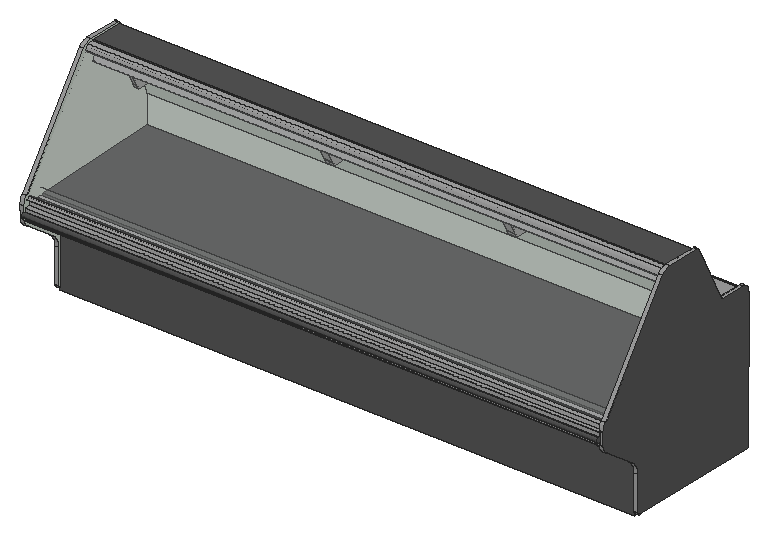
Revit family "ES1S_2014", category Specialty Equipment, Revit 2014
Parameters (values of type "12'-0" Length")
  Width = 144 1/2"
  Waste Drain = 1 1/2"  # constant formula
  URL = "www.hussmann.com"
  Type Comments = "Elite"  # constant formula
  Trim = Stainless Steel
  Total Weight = Case Weight + (2 * End Weight)  # 1400.00 lbf
  Splashguard = Textured Sheet Metal (Steel Painted) - 701 Black
  Side Panel - Right [instance] = yes
  Side Panel - Left [instance] = yes
  Shelves = Sheet Metal (Steel Painted) - 701 Black
  Revit Family Date = "05/26/2016"  # constant formula
  Refrigeration Lines Suction = 7/8"  # constant formula
  Refrigeration Lines Liquid = 3/8"  # constant formula
  Refrig. Suction = "Suction"
  Refrig. Liquid = "Liquid"
  Number of Supports = if(Width < 50", 2, if(Width < 100", 3, 4))  # 4
  Note from Manufacturer = "This model only comes in 4'-0\", 6'-0\", 8'-0\" and 12'-0\" lengths."
  Model URL = "http://www.hussmann.com/en/product%20viewer/display-cases/ES1S"
  Model = "ES1S"  # constant formula
  Manufacturer Disclaimer = "The information in this file is not intended to be an exact representation of the corresponding Hussmann product.  Further, we reserve the right to change or revise specifications and product design in connection with any feature of our products. Such changes do not entitle the buyer to corresponding changes, improvements, additions, or replacements for equipment previously sold or shipped."  # constant formula
  Manufacturer = "Hussmann Corporation"  # constant formula
  Light [instance] = yes
  Height = 52 1/8"  # constant formula
  Glazing = Glass
  Ends = Textured Sheet Metal (Steel Painted) - 701 Black
  End Weight = 100.00 lbf  # constant formula
  Drain from Center = if(Width = 72 3/8", 12 1/16", if(Width = 96 3/8", 24 1/16", 1/64"))  # 1/64"
  Door Frame = Plastic - 701 Black
  Description = "Single Deck, Straight Glass Case for Deli, Meat"  # constant formula
  Depth = 46 1/8"  # constant formula
  Cutsheet URL = "http://www.hussmann.com/en/Technical%20Documents/0522407_B_ES1S.pdf"
  Close Off Panel = Textured Sheet Metal (Steel Painted) - 701 Black
  Case Weight = if(Width = 48 1/4", 600.00 lbf, if(Width = 72 3/8", 700.00 lbf, if(Width = 96 3/8", 1100.00 lbf, if(Width = 144 1/2", 1200.00 lbf, 0.00 lbf))))  # 1200.00 lbf
  Case Interior - Side Panel = Mirror
  Case Interior - Back Panel = Mirror
  Case = Textured Sheet Metal (Steel Painted) - 701 Black
  Bumper = Extruded PVC - 701 Black
  Assembly Code = ""
  Accessories/Options = ""
  8 Case = Width = 96 3/8"  # no
  6 Case = Width = 72 3/8"  # no
  4 Case = Width = 48 1/4"  # no
  12 Case = Width = 144 1/2"  # yes
Types (4): name | Width | Total Weight | Number of Supports | Drain from Center | Case Weight | 8 Case | 6 Case | 4 Case | 12 Case
  12'-0" Length | 144 1/2" | 1400.00 lbf | 4 | 1/64" | 1200.00 lbf | no | no | no | yes
  8'-0" Length | 96 3/8" | 1300.00 lbf | 3 | 24 1/16" | 1100.00 lbf | yes | no | no | no
  6'-0" Length | 72 3/8" | 900.00 lbf | 3 | 12 1/16" | 700.00 lbf | no | yes | no | no
  4'-0" Length | 48 1/4" | 800.00 lbf | 2 | 1/64" | 600.00 lbf | no | no | yes | no
Reference planes (in)
  plane 1 "Back": y = 0
  plane 2 "Bottom": z = 0
  plane 3 "Top": z = 52.125
  plane 4 "Left": x = -77.30699
  plane 5 "Front": y = -46.125
  plane 6 "Center (Left/Right)": x = -5.05699
  plane 7: x = -78.30699
  plane 8 "Right": x = 67.19301
  plane 9: x = 68.19301
Forms (in)
  Extrusion 1, solid, material "Metal - Copper"
    sketch origin (57.40105, 5, -0.375) x (1, 0, 0) y (0, 1, 0)
      loop
        circle (1.35446, -33.25) r 0.41359
      loop
        circle (1.35446, -33.25) r 0.4375
    from 15.9275 to 0.375
  Extrusion 2, solid, material "Metal - Copper"
    sketch origin (59.82608, 5, -0.375) x (1, 0, 0) y (0, 1, 0)
      loop
        circle (-0.44557, -33.25) r 0.17188
      loop
        circle (-0.44557, -33.25) r 0.1875
    from 15.9275 to 0.375
  Extrusion 3, solid, material "Metal - Copper"
    sketch origin (-56.6875, 1.04319, 0) x (1, 0, 0) y (0, 1, 0)
      loop
        arc (51.64614, -27.41819) -> (51.11581, -27.63786) -> (50.89614, -28.16819) r 0.75
        arc (50.89614, -28.16819) -> (51.11581, -28.69852) -> (51.64614, -28.91819) r 0.75
        arc (51.64614, -28.91819) -> (52.17647, -28.69852) -> (52.39614, -28.16819) r 0.75
        arc (52.39614, -28.16819) -> (52.17647, -27.63786) -> (51.64614, -27.41819) r 0.75
      loop
        circle (51.64614, -28.16819) r 0.7102
    from 15.5525 to 14.52263
  Extrusion 4, solid, material "Textured Sheet Metal (Steel Painted) - 701 Black" <- "Splashguard"
    sketch origin (-77.30699, 0, 0) x (0, 1, 0) y (0, 0, 1)
      loop
        line (-33.696, 14.616) -> (-34.125, 14.616) -> (-34.125, 0) -> (-33.696, 0) -> (-33.696, 0.6875) -> (-33.696, 14.616)
      loop
        line (-4.85, 11.929) -> (-4.85, 12.31836) -> (-5.077, 12.31836) -> (-5.077, 0) -> (-4.577, 0) -> (-4.577, 11.929) -> (-4.85, 11.929)
    from 0 to 144.5 <- "Width"
  Extrusion 5, solid, material "Textured Sheet Metal (Steel Painted) - 701 Black" <- "Case"
    sketch origin (-77.30699, 0, 0) x (0, 1, 0) y (0, 0, 1)
      loop
        arc (-44.21136, 20.55912) -> (-44.18911, 20.48093) -> (-44.1661, 20.40296) r 8.279
        line (-44.1661, 20.40296) -> (-44.1661, 19.92638) -> (-36.02213, 14.4736)
        arc (-36.02213, 14.4736) -> (-35.97122, 14.46647) -> (-35.93404, 14.50198) r 0.059
        line (-35.93404, 14.50198) -> (-35.93404, 15.0455) -> (-33.4203, 15.0455) -> (-33.4203, 15.5525) -> (-6.022, 15.5525) -> (-6.022, 12.31836) -> (-3.09214, 12.31836) -> (-1.484, 13.9265) -> (-1.484, 36.773) -> (-8.51731, 36.773) -> (-6.96432, 32.5062) -> (-6.869, 32.54089) -> (-6.869, 21.4475) -> (-8.89025, 21.4475) -> (-8.98391, 24.12974) -> (-19.0218, 23.77923) -> (-19.02552, 23.88595) -> (-27.0014, 21.4475) -> (-38.27432, 21.4475) -> (-38.27432, 23.29152) -> (-44.989, 23.29152) -> (-44.989, 20.64812)
        arc (-44.989, 20.64812) -> (-44.96293, 20.58519) -> (-44.9, 20.55912) r 0.089
        line (-44.9, 20.55912) -> (-44.21136, 20.55912)
      loop
        line (-23.84996, 49.48886) -> (-21.66335, 49.48886) -> (-16.1452, 49.48886) -> (-15.72409, 48.75946) -> (-15.04211, 49.10695) -> (-14.76711, 49.95331) -> (-15.80989, 51.99989) -> (-24.03864, 51.99989) -> (-24.03864, 50.75308) -> (-23.84996, 50.75308) -> (-23.84996, 49.48886)
    from 0 to 144.5 <- "Width"
  Extrusion 6, solid, material "Sheet Metal (Steel Painted) - 701 Black" <- "Shelves"
    sketch origin (-77.30699, 0, 0) x (0, 1, 0) y (0, 0, 1)
      loop
        line (-6.90546, 25.39651) -> (-39.94989, 24.31879) -> (-39.92473, 23.5472) -> (-6.8803, 24.62492) -> (-6.90546, 25.39651)
    from 0 to 144.5 <- "Width"
  Extrusion 7, solid, material "Glass" <- "Glazing"
    sketch origin (-77.30699, 0, 0) x (0, 1, 0) y (0, 0, 1)
      loop
        line (-25.46916, 50.97882) -> (-25.66133, 51.11581) -> (-44.38238, 24.85587) -> (-44.19022, 24.71887) -> (-25.46916, 50.97882)
    from 0 to 144.5 <- "Width"
  Extrusion 8, solid, material "Stainless Steel" <- "Trim"
    sketch origin (-77.30699, 0, 0) x (0, 1, 0) y (0, 0, 1)
      loop
        line (-40.30332, 24.18252) -> (-41.50346, 24.18252) -> (-43.54412, 25.3607) -> (-43.57849, 25.16577) -> (-43.77284, 25.30433) -> (-44.19022, 24.71887) -> (-44.38238, 24.85587) -> (-43.96501, 25.44133) -> (-44.01549, 25.47732) -> (-44.46886, 24.84138) -> (-43.72873, 24.31373) -> (-43.88693, 23.41652) -> (-45.114, 23.41652) -> (-45.114, 20.52312)
        arc (-45.114, 20.52312) -> (-45.08793, 20.46019) -> (-45.025, 20.43412) r 0.089
        line (-45.025, 20.43412) -> (-44.1754, 20.43412)
        arc (-44.1754, 20.43412) -> (-44.19362, 20.49655) -> (-44.21136, 20.55912) r 8.279
        line (-44.21136, 20.55912) -> (-44.9, 20.55912)
        arc (-44.9, 20.55912) -> (-44.96293, 20.58519) -> (-44.989, 20.64812) r 0.089
        line (-44.989, 20.64812) -> (-44.989, 23.29152) -> (-40.30332, 23.29152) -> (-40.30332, 24.18252)
      loop
        line (-1.484, 35.805) -> (-1.018, 36.271) -> (-1.018, 36.68575)
        arc (-1.018, 36.68575) -> (-0.40692, 36.23214) -> (-0.13069, 35.523) r 1.375
        line (-0.13069, 35.523) -> (-0.5, 35.523) -> (-0.5, 35.398) -> (0, 35.398)
        arc (0, 35.398) -> (-0.43934, 36.45866) -> (-1.5, 36.898) r 1.5
        line (-1.5, 36.898) -> (-1.90281, 36.898) -> (-1.90281, 37.211)
        arc (-1.90281, 37.211) -> (-1.92097, 37.25484) -> (-1.96481, 37.273) r 0.062
        line (-1.96481, 37.273) -> (-8.65281, 37.273) -> (-8.65281, 36.773) -> (-1.484, 36.773) -> (-1.484, 35.805)
      loop
        line (-19.72359, 48.88701) -> (-18.4034, 48.88701) -> (-18.75088, 49.48886) -> (-21.49225, 49.48886) -> (-23.12061, 49.17234) -> (-24.02159, 47.24018)
        arc (-24.02159, 47.24018) -> (-24.00493, 47.17808) -> (-23.94088, 47.18373) r 0.05
        line (-23.94088, 47.18373) -> (-23.14663, 48.88701) -> (-19.72359, 48.88701)
      loop
        line (-22.49562, 49.48886) -> (-23.84996, 49.48886) -> (-23.84996, 50.00066)
        arc (-23.84996, 50.00066) -> (-23.96918, 50.01427) -> (-24.0878, 50.0324) r 3.15396
        line (-24.0878, 50.0324) -> (-24.0878, 51.79587)
        arc (-24.0878, 51.79587) -> (-24.09845, 51.82397) -> (-24.12582, 51.83637) r 0.03937
        arc (-24.12582, 51.83637) -> (-24.73621, 51.79286) -> (-25.32411, 51.623) r 2.91774
        arc (-25.32411, 51.623) -> (-25.94053, 51.1829) -> (-26.2337, 50.48454) r 1.38647
        line (-26.2337, 50.48454) -> (-26.15259, 50.42672) -> (-25.66133, 51.11581) -> (-25.46916, 50.97882) -> (-25.95989, 50.29047) -> (-25.78345, 50.16453)
        arc (-25.78345, 50.16453) -> (-25.76877, 50.16114) -> (-25.75599, 50.16912) r 0.01969
        line (-25.75599, 50.16912) -> (-25.65083, 50.31645) -> (-25.29899, 49.7419)
        arc (-25.29899, 49.7419) -> (-25.21497, 49.65118) -> (-25.10251, 49.59979) r 0.31496
        line (-25.10251, 49.59979) -> (-24.41849, 49.4389)
        arc (-24.41849, 49.4389) -> (-23.45383, 49.33965) -> (-22.49562, 49.48886) r 3.78388
    from 0 to 144.5 <- "Width"
  Extrusion 9, solid, material "Extruded PVC - 701 Black" <- "Bumper"
    sketch origin (-77.30699, 0, 0) x (0, 1, 0) y (0, 0, 1)
      loop
        line (-45.114, 22.49036) -> (-45.445, 22.49036)
        arc (-45.445, 22.49036) -> (-46, 21.93536) -> (-45.445, 21.38036) r 0.555
        line (-45.445, 21.38036) -> (-45.114, 21.38036) -> (-45.114, 22.49036)
    from 0 to 144.5 <- "Width"
  Extrusion 10, solid, material "Glass" <- "Glazing"
    sketch origin (-77.30699, 0, 0) x (0, 1, 0) y (0, 0, 1)
      loop
        line (-40.30332, 23.41652) -> (-40.05332, 23.41652) -> (-40.05332, 25.91652) -> (-40.30332, 25.91652) -> (-40.30332, 23.41652)
    from 0 to 144.5 <- "Width"
  Extrusion 11, solid, material "Textured Sheet Metal (Steel Painted) - 701 Black" <- "Ends", visible <- "Side Panel - Left"
    sketch origin (-77.30699, 0, 0) x (0, 1, 0) y (0, 0, 1)
      loop
        line (-26.56426, 51.09001) -> (-44.6742, 25.92322)
        arc (-44.6742, 25.92322) -> (-45.14693, 24.98754) -> (-45.30974, 23.95193) r 3.37498
        line (-45.30974, 23.95193) -> (-45.30974, 20.79343)
        arc (-45.30974, 20.79343) -> (-45.04647, 19.70659) -> (-44.31503, 18.86071) r 2.37498
        line (-44.31503, 18.86071) -> (-35.94923, 12.88617)
        arc (-35.94923, 12.88617) -> (-34.76392, 11.48858) -> (-34.33818, 9.70618) r 3.94397
        line (-34.33818, 9.70618) -> (-34.33818, 0.98476)
        arc (-34.33818, 0.98476) -> (-34.19174, 0.63121) -> (-33.83819, 0.48476) r 0.5
        line (-33.83819, 0.48476) -> (-0.25603, 0.48476)
        arc (-0.25603, 0.48476) -> (0.09752, 0.63121) -> (0.24397, 0.98476) r 0.5
        line (0.24397, 0.98476) -> (0.24397, 1.35975) -> (0.24397, 35.52248) -> (0.24397, 36.02248)
        arc (0.24397, 36.02248) -> (-0.19537, 37.08313) -> (-1.25602, 37.52247) r 1.49999
        line (-1.25602, 37.52247) -> (-7.72963, 37.52247)
        arc (-7.72963, 37.52247) -> (-7.99087, 37.59615) -> (-8.17513, 37.79547) r 0.5
        line (-8.17513, 37.79547) -> (-8.57236, 38.5751) -> (-15.06501, 51.31763) -> (-15.46225, 52.09726)
        arc (-15.46225, 52.09726) -> (-15.55438, 52.19692) -> (-15.685, 52.23376) r 0.25
        line (-15.685, 52.23376) -> (-24.33213, 52.23376)
        arc (-24.33213, 52.23376) -> (-25.58618, 51.93118) -> (-26.56426, 51.09001) r 2.74998
    from 0 to -1
  Extrusion 12, solid, material "Textured Sheet Metal (Steel Painted) - 701 Black" <- "Ends", visible <- "Side Panel - Right"
    sketch origin (67.19301, 0, 0) x (0, 1, 0) y (0, 0, -1)
      loop
        line (-35.94923, -12.88617) -> (-44.31503, -18.86071)
        arc (-44.31503, -18.86071) -> (-45.04647, -19.70659) -> (-45.30974, -20.79343) r 2.37498
        line (-45.30974, -20.79343) -> (-45.30974, -23.95193)
        arc (-45.30974, -23.95193) -> (-45.14693, -24.98754) -> (-44.6742, -25.92322) r 3.37498
        line (-44.6742, -25.92322) -> (-26.56426, -51.09001)
        arc (-26.56426, -51.09001) -> (-25.58618, -51.93118) -> (-24.33213, -52.23376) r 2.74998
        line (-24.33213, -52.23376) -> (-15.685, -52.23376)
        arc (-15.685, -52.23376) -> (-15.55438, -52.19692) -> (-15.46225, -52.09726) r 0.25
        line (-15.46225, -52.09726) -> (-15.06501, -51.31763) -> (-8.57236, -38.5751) -> (-8.17513, -37.79547)
        arc (-8.17513, -37.79547) -> (-7.99087, -37.59615) -> (-7.72963, -37.52247) r 0.5
        line (-7.72963, -37.52247) -> (-1.25602, -37.52247)
        arc (-1.25602, -37.52247) -> (-0.19537, -37.08313) -> (0.24397, -36.02248) r 1.49999
        line (0.24397, -36.02248) -> (0.24397, -35.52248) -> (0.24397, -1.35975) -> (0.24397, -0.98476)
        arc (0.24397, -0.98476) -> (0.09752, -0.63121) -> (-0.25603, -0.48476) r 0.5
        line (-0.25603, -0.48476) -> (-33.83819, -0.48476)
        arc (-33.83819, -0.48476) -> (-34.19174, -0.63121) -> (-34.33818, -0.98476) r 0.5
        line (-34.33818, -0.98476) -> (-34.33818, -9.70618)
        arc (-34.33818, -9.70618) -> (-34.76392, -11.48858) -> (-35.94923, -12.88617) r 3.94397
    from 0 to -1
  Extrusion 13, solid, material "Stainless Steel" <- "Trim"
    sketch origin (-77.30699, 0, 0) x (0, 1, 0) y (0, 0, 1)
      loop
        line (-18.75088, 49.48886) -> (-11.18132, 36.378) -> (-11.36131, 36.378) -> (-10.73819, 35.39386) -> (-8.01535, 35.39386) -> (-8.37354, 36.378) -> (-8.57564, 36.378) -> (-16.1452, 49.48886) -> (-18.75088, 49.48886)
    from 0 to 1
  Extrusion 14, solid, material "Stainless Steel" <- "Trim"
    sketch origin (67.22426, 0, 0) x (0, 1, 0) y (0, 0, -1)
      loop
        line (-18.75088, -49.48886) -> (-16.1452, -49.48886) -> (-8.57564, -36.378) -> (-8.37354, -36.378) -> (-8.01535, -35.39386) -> (-10.73819, -35.39386) -> (-11.36131, -36.378) -> (-11.18132, -36.378) -> (-18.75088, -49.48886)
    from 0.03125 to 1
  Extrusion 15, solid, material "Stainless Steel" <- "Trim", visible <- "12 Case"
    sketch origin (-27.97365, -1.67018, 0) x (0, 1, 0) y (0, 0, 1)
      loop
        line (-17.0807, 49.48886) -> (-9.51114, 36.378) -> (-9.69113, 36.378) -> (-9.06801, 35.39386) -> (-6.34517, 35.39386) -> (-6.70336, 36.378) -> (-6.90546, 36.378) -> (-14.47502, 49.48886) -> (-17.0807, 49.48886)
    from -1 to 1
  Extrusion 16, solid, material "Stainless Steel" <- "Trim", visible <- "12 Case"
    sketch origin (17.85968, -1.67018, 0) x (0, 1, 0) y (0, 0, 1)
      loop
        line (-17.0807, 49.48886) -> (-9.51114, 36.378) -> (-9.69113, 36.378) -> (-9.06801, 35.39386) -> (-6.34517, 35.39386) -> (-6.70336, 36.378) -> (-6.90546, 36.378) -> (-14.47502, 49.48886) -> (-17.0807, 49.48886)
    from -1 to 1
  Extrusion 17, solid, material "Stainless Steel" <- "Trim", visible <- "8 Case"
    sketch origin (-29.11949, -1.67018, 0) x (0, 1, 0) y (0, 0, 1)
      loop
        line (-17.0807, 49.48886) -> (-9.51114, 36.378) -> (-9.69113, 36.378) -> (-9.06801, 35.39386) -> (-6.34517, 35.39386) -> (-6.70336, 36.378) -> (-6.90546, 36.378) -> (-14.47502, 49.48886) -> (-17.0807, 49.48886)
    from -1 to 1
  Extrusion 18, solid, material "Stainless Steel" <- "Trim", visible <- "6 Case"
    sketch origin (-41.11949, -1.67018, 0) x (0, 1, 0) y (0, 0, 1)
      loop
        line (-17.0807, 49.48886) -> (-9.51114, 36.378) -> (-9.69113, 36.378) -> (-9.06801, 35.39386) -> (-6.34517, 35.39386) -> (-6.70336, 36.378) -> (-6.90546, 36.378) -> (-14.47502, 49.48886) -> (-17.0807, 49.48886)
    from -1 to 1
Lines and regions (in)
  reference lines
    curve 1: line (-73.80699, -46.125, 0) -> (-73.80699, 0, 0)
    curve 2: line (-5.04136, -46.125, 0) -> (-5.04136, 0, 0)
    curve 3: line (63.69301, -46.125, 0) -> (63.69301, 0, 0)
    curve 4: line (59.19301, -46.125, 0) -> (59.19301, 0, 0)
    curve 5: line (-77.30699, -27.125, 0) -> (67.19301, -27.125, 0)
    curve 6: line (67.19301, -28.25, 0) -> (-77.30699, -28.25, 0)
Dimensions and locks (in)
  equal spacing: plane 4 "Left", plane 6 "Center (Left/Right)", plane 8 "Right"
  locked: plane 7 to plane 4 "Left" at 1
  "Width": plane 4 "Left" to plane 8 "Right"
  locked: plane 4 "Left" to curve 1 at 3.5
  locked: curve 3 to plane 8 "Right" at 3.5
  "Depth": plane 5 "Front" to plane 1 "Back"
  curve 4 to plane 8 "Right" = 8"
  "Height": plane 3 "Top" to level
  plane 1 "Back" to curve 5 = 27 1/8"
  locked: plane 1 "Back" to curve 6 at 28.25
  locked: plane 8 "Right" to plane 9 at 1
  locked: Extrusion 3 sketch curve to Extrusion 3 sketch curve at 0.0398
  locked: Extrusion 2 sketch curve to Extrusion 2 sketch curve at 0.01562
  locked: Extrusion 1 sketch curve to Extrusion 1 sketch curve at 0.02391
  locked: nested 1 to plane 1 "Back" at 19.4375
  equal spacing: group 1, group 3, group 4, group 2  (x3)
  "Drain from Center": plane 6 "Center (Left/Right)" to curve 2
  locked: plane 4 "Left" to Extrusion 13 at 1
  locked: Extrusion 14 to plane 8 "Right" at 0.96875
  "Waste Drain": diameter of Extrusion 3 sketch curve
  "Refrigeration Lines Liquid": diameter of Extrusion 2 sketch curve
  "Refrigeration Lines Suction": diameter of Extrusion 1 sketch curve
  aligned and locked: plane 5 "Front" to curve 3
  aligned and locked: plane 5 "Front" to curve 2
  aligned and locked: plane 5 "Front" to curve 1
  aligned and locked: plane 4 "Left" to curve 5
  aligned and locked: plane 4 "Left" to curve 6
  aligned and locked: plane 8 "Right" to curve 6
  aligned and locked: plane 8 "Right" to curve 5
  aligned and locked: Extrusion 1 to level
  aligned and locked: Extrusion 2 to level
  aligned and locked: curve 6 to Extrusion 2 sketch curve  (x4)
  aligned and locked: curve 6 to Extrusion 1 sketch curve  (x4)
  aligned and locked: curve 5 to Extrusion 3 sketch curve
  aligned and locked: curve 2 to Extrusion 3 sketch curve
  aligned and locked: curve 4 to Extrusion 2 sketch curve
  aligned and locked: curve 4 to Extrusion 1 sketch curve
  aligned and locked: curve 3 to nested 2
  aligned and locked: curve 1 to nested 1
  aligned and locked: plane 7 to Extrusion 11
  aligned and locked: plane 9 to Extrusion 12
  aligned and locked: Extrusion 12 to plane 8 "Right"
  aligned and locked: Extrusion 14 to Extrusion 12
  aligned and locked: plane 4 "Left" to nested 3
  aligned and locked: plane 4 "Left" to nested 4
Automatic sketch dimensions
  Extrusion 4 sketch curve to level = 0"  (x2)
  plane 5 "Front" to Extrusion 4 sketch curve = 12"
  Extrusion 4 sketch curve to Extrusion 4 sketch curve = 0.429"
  plane 1 "Back" to Extrusion 4 sketch curve = 5.077"
  Extrusion 4 sketch curve to Extrusion 4 sketch curve = 0.227"
  Extrusion 4 sketch curve to Extrusion 4 sketch curve = 0.273"
  level to Extrusion 4 sketch curve = 11/16"
  Extrusion 4 sketch curve to Extrusion 4 sketch curve = 11.929"
  Extrusion 4 sketch curve to Extrusion 4 sketch curve = 0.38936"
  Extrusion 4 sketch curve to Extrusion 4 sketch curve = 13.9285"
  plane 5 "Front" to Extrusion 5 sketch curve = 1.136"
  Extrusion 5 sketch curve to Extrusion 5 sketch curve = 0.089"
  Extrusion 5 sketch curve to Extrusion 5 sketch curve = 0.68864"
  Extrusion 5 sketch curve to Extrusion 5 sketch curve = 0.04525"
  Extrusion 5 sketch curve to Extrusion 5 sketch curve = 5.93704"
  Extrusion 5 sketch curve to Extrusion 5 sketch curve = 2.03701"
  Extrusion 5 sketch curve to Extrusion 5 sketch curve = 2.25218"
  Extrusion 5 sketch curve to Extrusion 5 sketch curve = 0.03283"
  Extrusion 5 sketch curve to Extrusion 5 sketch curve = 0.05527"
  Extrusion 5 sketch curve to Extrusion 5 sketch curve = 2.51374"
  plane 3 "Top" to Extrusion 5 sketch curve = 1.37192"
  plane 5 "Front" to Extrusion 5 sketch curve = 22.08636"
  Extrusion 5 sketch curve to Extrusion 5 sketch curve = 0.18868"
  Extrusion 5 sketch curve to Extrusion 5 sketch curve = 2.18661"
  plane 3 "Top" to Extrusion 5 sketch curve = 2.63614"
  Extrusion 5 sketch curve to Extrusion 5 sketch curve = 5.51814"
  plane 3 "Top" to Extrusion 5 sketch curve = 0.12511"
  Extrusion 5 sketch curve to Extrusion 5 sketch curve = 0.33531"
  plane 3 "Top" to Extrusion 5 sketch curve = 3.36554"
  Extrusion 5 sketch curve to Extrusion 5 sketch curve = 0.42112"
  plane 3 "Top" to Extrusion 5 sketch curve = 3.01805"
  Extrusion 5 sketch curve to Extrusion 5 sketch curve = 0.68198"
  plane 3 "Top" to Extrusion 5 sketch curve = 2.17169"
  Extrusion 5 sketch curve to Extrusion 5 sketch curve = 0.275"
  plane 1 "Back" to Extrusion 5 sketch curve = 8.51731"
  Extrusion 5 sketch curve to Extrusion 5 sketch curve = 1.55299"
  plane 1 "Back" to Extrusion 5 sketch curve = 6.869"
  plane 1 "Back" to Extrusion 5 sketch curve = 6.022"
  Extrusion 5 sketch curve to Extrusion 5 sketch curve = 2.92986"
  plane 1 "Back" to Extrusion 5 sketch curve = 1.484"
  Extrusion 5 sketch curve to Extrusion 5 sketch curve = 12.33395"
  Extrusion 5 sketch curve to Extrusion 5 sketch curve = 4.23211"
  level to Extrusion 5 sketch curve = 23.29152"
  Extrusion 5 sketch curve to Extrusion 5 sketch curve = 0.50612"
  Extrusion 5 sketch curve to Extrusion 5 sketch curve = 11.0587"
  Extrusion 5 sketch curve to Extrusion 5 sketch curve = 2.64341"
  Extrusion 5 sketch curve to Extrusion 5 sketch curve = 61/128"
  Extrusion 5 sketch curve to Extrusion 5 sketch curve = 5.895"  (x2)
  Extrusion 5 sketch curve to Extrusion 5 sketch curve = 0.507"
  Extrusion 5 sketch curve to Extrusion 5 sketch curve = 0.52287"
  Extrusion 5 sketch curve to Extrusion 5 sketch curve = 0.02065"
  Extrusion 5 sketch curve to Extrusion 5 sketch curve = 1.626"
  Extrusion 5 sketch curve to Extrusion 5 sketch curve = 1.60814"
  plane 5 "Front" to Extrusion 6 sketch curve = 6.17511"
  Extrusion 6 sketch curve to Extrusion 6 sketch curve = 0.02516"
  plane 1 "Back" to Extrusion 6 sketch curve = 6.90546"
  level to Extrusion 6 sketch curve = 23.5472"
  Extrusion 6 sketch curve to Extrusion 6 sketch curve = 0.77159"
  plane 5 "Front" to Extrusion 7 sketch curve = 1.74262"
  Extrusion 7 sketch curve to Extrusion 7 sketch curve = 0.19217"
  plane 3 "Top" to Extrusion 7 sketch curve = 1.00919"
  plane 5 "Front" to Extrusion 7 sketch curve = 20.46367"
  Extrusion 7 sketch curve to Extrusion 7 sketch curve = 0.137"
  Extrusion 8 sketch curve to Extrusion 8 sketch curve = 0"  (x3)
  Extrusion 8 sketch curve to plane 1 "Back" = 0"
  plane 1 "Back" to Extrusion 8 sketch curve = 0.13069"
  Extrusion 8 sketch curve to Extrusion 8 sketch curve = 0.36931"
  Extrusion 8 sketch curve to Extrusion 8 sketch curve = 0.518"
  Extrusion 8 sketch curve to Extrusion 8 sketch curve = 0.466"
  Extrusion 8 sketch curve to Extrusion 8 sketch curve = 0.016"
  Extrusion 8 sketch curve to Extrusion 8 sketch curve = 0.40281"
  Extrusion 8 sketch curve to Extrusion 8 sketch curve = 0.062"
  Extrusion 8 sketch curve to Extrusion 8 sketch curve = 6.688"
  plane 3 "Top" to Extrusion 8 sketch curve = 3.23799"
  Extrusion 8 sketch curve to Extrusion 8 sketch curve = 9.7506"
  plane 3 "Top" to Extrusion 8 sketch curve = 2.63614"
  Extrusion 8 sketch curve to Extrusion 8 sketch curve = 0.34748"
  Extrusion 8 sketch curve to Extrusion 8 sketch curve = 0.97271"
  Extrusion 8 sketch curve to Extrusion 8 sketch curve = 1.76866"
  Extrusion 8 sketch curve to Extrusion 8 sketch curve = 1.00337"
  plane 3 "Top" to Extrusion 8 sketch curve = 2.95266"
  Extrusion 8 sketch curve to Extrusion 8 sketch curve = 5/8"
  Extrusion 8 sketch curve to Extrusion 8 sketch curve = 0.02602"
  Extrusion 8 sketch curve to plane 3 "Top" = 1.01551"
  Extrusion 8 sketch curve to Extrusion 8 sketch curve = 1.05635"
  Extrusion 8 sketch curve to Extrusion 8 sketch curve = 0.00014"
  Extrusion 8 sketch curve to Extrusion 8 sketch curve = 0.72935"
  plane 3 "Top" to Extrusion 8 sketch curve = 4.94127"
  Extrusion 8 sketch curve to Extrusion 8 sketch curve = 0.79425"
  Extrusion 8 sketch curve to Extrusion 8 sketch curve = 0.03539"
  plane 3 "Top" to Extrusion 8 sketch curve = 4.88482"
  Extrusion 8 sketch curve to Extrusion 8 sketch curve = 0.04532"
  plane 3 "Top" to Extrusion 8 sketch curve = 0.32913"
  Extrusion 8 sketch curve to Extrusion 8 sketch curve = 0.53568"
  Extrusion 8 sketch curve to Extrusion 8 sketch curve = 0.03935"
  Extrusion 8 sketch curve to Extrusion 8 sketch curve = 0.37476"
  plane 3 "Top" to Extrusion 8 sketch curve = 2.6861"
  Extrusion 8 sketch curve to Extrusion 8 sketch curve = 0.19377"
  Extrusion 8 sketch curve to Extrusion 8 sketch curve = 197/256"
  Extrusion 8 sketch curve to Extrusion 8 sketch curve = 0.17306"
  plane 3 "Top" to Extrusion 8 sketch curve = 2.52521"
  Extrusion 8 sketch curve to Extrusion 8 sketch curve = 0.07212"
  plane 3 "Top" to Extrusion 8 sketch curve = 2.3831"
  Extrusion 8 sketch curve to Extrusion 8 sketch curve = 0.19648"
  plane 3 "Top" to Extrusion 8 sketch curve = 1.14618"
  Extrusion 8 sketch curve to Extrusion 8 sketch curve = 0.61183"
  plane 3 "Top" to Extrusion 8 sketch curve = 1.80855"
  Extrusion 8 sketch curve to Extrusion 8 sketch curve = 0.35184"
  plane 3 "Top" to Extrusion 8 sketch curve = 1.00919"
  Extrusion 8 sketch curve to Extrusion 8 sketch curve = 0.19217"  (x3)
  plane 3 "Top" to Extrusion 8 sketch curve = 1.95588"
  Extrusion 8 sketch curve to Extrusion 8 sketch curve = 0.10516"
  Extrusion 8 sketch curve to Extrusion 8 sketch curve = 0.01602"
  plane 3 "Top" to Extrusion 8 sketch curve = 1.96047"
  Extrusion 8 sketch curve to Extrusion 8 sketch curve = 0.01144"
  plane 3 "Top" to Extrusion 8 sketch curve = 1.83453"
  plane 3 "Top" to Extrusion 8 sketch curve = 1.69828"
  plane 3 "Top" to Extrusion 8 sketch curve = 1.64046"
  plane 5 "Front" to Extrusion 8 sketch curve = 9.88769"
  Extrusion 8 sketch curve to Extrusion 8 sketch curve = 4.06601"
  Extrusion 8 sketch curve to Extrusion 8 sketch curve = 1.20014"
  Extrusion 8 sketch curve to Extrusion 8 sketch curve = 2.04066"
  Extrusion 8 sketch curve to Extrusion 8 sketch curve = 0.03437"
  Extrusion 8 sketch curve to Extrusion 8 sketch curve = 0.15024"
  Extrusion 8 sketch curve to Extrusion 8 sketch curve = 0.22872"
  Extrusion 8 sketch curve to Extrusion 8 sketch curve = 0.1582"
  Extrusion 8 sketch curve to Extrusion 8 sketch curve = 0.05048"
  plane 5 "Front" to Extrusion 8 sketch curve = 1.9496"
  Extrusion 8 sketch curve to Extrusion 8 sketch curve = 0.46149"
  Extrusion 8 sketch curve to Extrusion 8 sketch curve = 0.03596"
  Extrusion 8 sketch curve to Extrusion 8 sketch curve = 0.08648"
  Extrusion 8 sketch curve to Extrusion 8 sketch curve = 0.68864"
  Extrusion 8 sketch curve to Extrusion 8 sketch curve = 1.10207"
  Extrusion 8 sketch curve to Extrusion 8 sketch curve = 1/8"  (x2)
  Extrusion 8 sketch curve to Extrusion 8 sketch curve = 0.089"
  plane 3 "Top" to Extrusion 8 sketch curve = 14.852"
  Extrusion 8 sketch curve to Extrusion 8 sketch curve = 0.313"
  Extrusion 8 sketch curve to Extrusion 8 sketch curve = 1/2"
  Extrusion 8 sketch curve to Extrusion 8 sketch curve = 0.08725"
  Extrusion 8 sketch curve to Extrusion 8 sketch curve = 0.41475"
  Extrusion 8 sketch curve to Extrusion 8 sketch curve = 0.407"
  level to Extrusion 8 sketch curve = 25.47732"
  Extrusion 8 sketch curve to Extrusion 8 sketch curve = 0.03599"
  Extrusion 8 sketch curve to Extrusion 8 sketch curve = 0.19493"
  Extrusion 8 sketch curve to Extrusion 8 sketch curve = 0.1312"
  Extrusion 8 sketch curve to Extrusion 8 sketch curve = 1.42485"
  Extrusion 8 sketch curve to Extrusion 8 sketch curve = 0.50612"
  Extrusion 8 sketch curve to Extrusion 8 sketch curve = 2.64341"
  Extrusion 8 sketch curve to Extrusion 8 sketch curve = 0.5186"
  Extrusion 8 sketch curve to Extrusion 8 sketch curve = 0.04996"
  Extrusion 8 sketch curve to Extrusion 8 sketch curve = 0.5118"
  Extrusion 8 sketch curve to Extrusion 8 sketch curve = 0.41108"
  Extrusion 8 sketch curve to Extrusion 8 sketch curve = 0.00115"
  plane 5 "Front" to Extrusion 9 sketch curve = 0.68"
  Extrusion 9 sketch curve to Extrusion 9 sketch curve = 0.331"
  level to Extrusion 9 sketch curve = 21.38036"
  Extrusion 9 sketch curve to Extrusion 9 sketch curve = 0.555"
  plane 5 "Front" to Extrusion 10 sketch curve = 5.82168"
  Extrusion 10 sketch curve to Extrusion 10 sketch curve = 1/4"
  level to Extrusion 10 sketch curve = 23.41652"
  Extrusion 10 sketch curve to Extrusion 10 sketch curve = 2 1/2"
  plane 5 "Front" to Extrusion 11 sketch curve = 0.81526"
  plane 5 "Front" to Extrusion 11 sketch curve = 1.4508"
  plane 5 "Front" to Extrusion 11 sketch curve = 1.80997"
  Extrusion 11 sketch curve to Extrusion 11 sketch curve = 1.38027"
  Extrusion 11 sketch curve to Extrusion 11 sketch curve = 1"
  plane 5 "Front" to Extrusion 11 sketch curve = 7.84284"
  Extrusion 11 sketch curve to Extrusion 11 sketch curve = 2.33293"
  Extrusion 11 sketch curve to Extrusion 11 sketch curve = 1.61105"
  Extrusion 11 sketch curve to Extrusion 11 sketch curve = 1/2"  (x2)
  plane 3 "Top" to Extrusion 11 sketch curve = 1.03499"
  plane 5 "Front" to Extrusion 11 sketch curve = 19.56074"
  Extrusion 11 sketch curve to Extrusion 11 sketch curve = 2.23213"
  Extrusion 11 sketch curve to plane 3 "Top" = 0.10876"
  Extrusion 11 sketch curve to Extrusion 11 sketch curve = 8.64713"
  plane 3 "Top" to Extrusion 11 sketch curve = 0.02774"
  Extrusion 11 sketch curve to Extrusion 11 sketch curve = 0.22275"
  plane 3 "Top" to Extrusion 11 sketch curve = 0.80737"
  Extrusion 11 sketch curve to Extrusion 11 sketch curve = 0.39724"  (x2)
  plane 1 "Back" to Extrusion 11 sketch curve = 8.57236"
  Extrusion 11 sketch curve to Extrusion 11 sketch curve = 0.4455"
  plane 1 "Back" to Extrusion 11 sketch curve = 1.25602"
  plane 1 "Back" to Extrusion 11 sketch curve = 0.25603"
  Extrusion 11 sketch curve to plane 1 "Back" = 0.24397"
  plane 3 "Top" to Extrusion 11 sketch curve = 13.5499"
  Extrusion 11 sketch curve to Extrusion 11 sketch curve = 0.55263"
  Extrusion 11 sketch curve to Extrusion 11 sketch curve = 0.22699"
  level to Extrusion 11 sketch curve = 25.92322"
  Extrusion 11 sketch curve to Extrusion 11 sketch curve = 3.1585"
  Extrusion 11 sketch curve to Extrusion 11 sketch curve = 5.97454"
  level to Extrusion 11 sketch curve = 1.35975"
  Extrusion 11 sketch curve to Extrusion 11 sketch curve = 3/8"
  plane 5 "Front" to Extrusion 12 sketch curve = 0.81526"
  plane 5 "Front" to Extrusion 12 sketch curve = 1.4508"
  plane 5 "Front" to Extrusion 12 sketch curve = 1.80997"
  Extrusion 12 sketch curve to Extrusion 12 sketch curve = 1.38027"
  Extrusion 12 sketch curve to Extrusion 12 sketch curve = 1"
  plane 5 "Front" to Extrusion 12 sketch curve = 7.84284"
  Extrusion 12 sketch curve to Extrusion 12 sketch curve = 2.33293"
  Extrusion 12 sketch curve to Extrusion 12 sketch curve = 1.61105"
  Extrusion 12 sketch curve to Extrusion 12 sketch curve = 1/2"  (x2)
  plane 3 "Top" to Extrusion 12 sketch curve = 1.03499"
  plane 5 "Front" to Extrusion 12 sketch curve = 19.56074"
  Extrusion 12 sketch curve to Extrusion 12 sketch curve = 2.23213"
  Extrusion 12 sketch curve to plane 3 "Top" = 0.10876"
  Extrusion 12 sketch curve to Extrusion 12 sketch curve = 8.64713"
  plane 3 "Top" to Extrusion 12 sketch curve = 0.02774"
  Extrusion 12 sketch curve to Extrusion 12 sketch curve = 0.22275"
  plane 3 "Top" to Extrusion 12 sketch curve = 0.80737"
  Extrusion 12 sketch curve to Extrusion 12 sketch curve = 0.39724"  (x2)
  plane 1 "Back" to Extrusion 12 sketch curve = 8.57236"
  Extrusion 12 sketch curve to Extrusion 12 sketch curve = 0.4455"
  plane 1 "Back" to Extrusion 12 sketch curve = 1.25602"
  plane 1 "Back" to Extrusion 12 sketch curve = 0.25603"
  Extrusion 12 sketch curve to plane 1 "Back" = 0.24397"
  plane 3 "Top" to Extrusion 12 sketch curve = 13.5499"
  Extrusion 12 sketch curve to Extrusion 12 sketch curve = 0.55263"
  Extrusion 12 sketch curve to Extrusion 12 sketch curve = 0.22699"
  level to Extrusion 12 sketch curve = 25.92322"
  Extrusion 12 sketch curve to Extrusion 12 sketch curve = 3.1585"
  Extrusion 12 sketch curve to Extrusion 12 sketch curve = 5.97454"
  level to Extrusion 12 sketch curve = 1.35975"
  Extrusion 12 sketch curve to Extrusion 12 sketch curve = 3/8"
  plane 3 "Top" to Extrusion 13 sketch curve = 2.63614"
  plane 1 "Back" to Extrusion 13 sketch curve = 18.75088"
  Extrusion 13 sketch curve to Extrusion 13 sketch curve = 2.60568"
  plane 1 "Back" to Extrusion 13 sketch curve = 11.36131"
  Extrusion 13 sketch curve to Extrusion 13 sketch curve = 0.17999"
  Extrusion 13 sketch curve to Extrusion 13 sketch curve = 0.44313"
  Extrusion 13 sketch curve to Extrusion 13 sketch curve = 2.16254"
  Extrusion 13 sketch curve to Extrusion 13 sketch curve = 0.2021"
  Extrusion 13 sketch curve to Extrusion 13 sketch curve = 0.3582"
  Extrusion 13 sketch curve to Extrusion 13 sketch curve = 13.11086"
  Extrusion 13 sketch curve to Extrusion 13 sketch curve = 0"
  Extrusion 13 sketch curve to Extrusion 13 sketch curve = 0.98414"
  plane 3 "Top" to Extrusion 14 sketch curve = 2.63614"
  plane 1 "Back" to Extrusion 14 sketch curve = 18.75088"
  Extrusion 14 sketch curve to Extrusion 14 sketch curve = 2.60568"
  plane 1 "Back" to Extrusion 14 sketch curve = 11.36131"
  Extrusion 14 sketch curve to Extrusion 14 sketch curve = 0.17999"
  Extrusion 14 sketch curve to Extrusion 14 sketch curve = 0.44313"
  Extrusion 14 sketch curve to Extrusion 14 sketch curve = 2.16254"
  Extrusion 14 sketch curve to Extrusion 14 sketch curve = 0.2021"
  Extrusion 14 sketch curve to Extrusion 14 sketch curve = 0.3582"
  Extrusion 14 sketch curve to Extrusion 14 sketch curve = 13.11086"
  Extrusion 14 sketch curve to Extrusion 14 sketch curve = 0"
  Extrusion 14 sketch curve to Extrusion 14 sketch curve = 0.98414"
  plane 3 "Top" to Extrusion 15 sketch curve = 2.63614"
  plane 1 "Back" to Extrusion 15 sketch curve = 18.75088"
  Extrusion 15 sketch curve to Extrusion 15 sketch curve = 2.60568"
  plane 1 "Back" to Extrusion 15 sketch curve = 11.36131"
  Extrusion 15 sketch curve to Extrusion 15 sketch curve = 0.17999"
  Extrusion 15 sketch curve to Extrusion 15 sketch curve = 0.44313"
  Extrusion 15 sketch curve to Extrusion 15 sketch curve = 2.16254"
  Extrusion 15 sketch curve to Extrusion 15 sketch curve = 0.2021"
  Extrusion 15 sketch curve to Extrusion 15 sketch curve = 0.3582"
  Extrusion 15 sketch curve to Extrusion 15 sketch curve = 13.11086"
  Extrusion 15 sketch curve to Extrusion 15 sketch curve = 0"
  Extrusion 15 sketch curve to Extrusion 15 sketch curve = 0.98414"
  plane 3 "Top" to Extrusion 16 sketch curve = 2.63614"
  plane 1 "Back" to Extrusion 16 sketch curve = 18.75088"
  Extrusion 16 sketch curve to Extrusion 16 sketch curve = 2.60568"
  plane 1 "Back" to Extrusion 16 sketch curve = 11.36131"
  Extrusion 16 sketch curve to Extrusion 16 sketch curve = 0.17999"
  Extrusion 16 sketch curve to Extrusion 16 sketch curve = 0.44313"
  Extrusion 16 sketch curve to Extrusion 16 sketch curve = 2.16254"
  Extrusion 16 sketch curve to Extrusion 16 sketch curve = 0.2021"
  Extrusion 16 sketch curve to Extrusion 16 sketch curve = 0.3582"
  Extrusion 16 sketch curve to Extrusion 16 sketch curve = 13.11086"
  Extrusion 16 sketch curve to Extrusion 16 sketch curve = 0"
  Extrusion 16 sketch curve to Extrusion 16 sketch curve = 0.98414"
  plane 3 "Top" to Extrusion 17 sketch curve = 2.63614"
  plane 1 "Back" to Extrusion 17 sketch curve = 18.75088"
  Extrusion 17 sketch curve to Extrusion 17 sketch curve = 2.60568"
  plane 1 "Back" to Extrusion 17 sketch curve = 11.36131"
  Extrusion 17 sketch curve to Extrusion 17 sketch curve = 0.17999"
  Extrusion 17 sketch curve to Extrusion 17 sketch curve = 0.44313"
  Extrusion 17 sketch curve to Extrusion 17 sketch curve = 2.16254"
  Extrusion 17 sketch curve to Extrusion 17 sketch curve = 0.2021"
  Extrusion 17 sketch curve to Extrusion 17 sketch curve = 0.3582"
  Extrusion 17 sketch curve to Extrusion 17 sketch curve = 13.11086"
  Extrusion 17 sketch curve to Extrusion 17 sketch curve = 0"
  Extrusion 17 sketch curve to Extrusion 17 sketch curve = 0.98414"
  plane 3 "Top" to Extrusion 18 sketch curve = 2.63614"
  plane 1 "Back" to Extrusion 18 sketch curve = 18.75088"
  Extrusion 18 sketch curve to Extrusion 18 sketch curve = 2.60568"
  plane 1 "Back" to Extrusion 18 sketch curve = 11.36131"
  Extrusion 18 sketch curve to Extrusion 18 sketch curve = 0.17999"
  Extrusion 18 sketch curve to Extrusion 18 sketch curve = 0.44313"
  Extrusion 18 sketch curve to Extrusion 18 sketch curve = 2.16254"
  Extrusion 18 sketch curve to Extrusion 18 sketch curve = 0.2021"
  Extrusion 18 sketch curve to Extrusion 18 sketch curve = 0.3582"
  Extrusion 18 sketch curve to Extrusion 18 sketch curve = 13.11086"
  Extrusion 18 sketch curve to Extrusion 18 sketch curve = 0"
  Extrusion 18 sketch curve to Extrusion 18 sketch curve = 0.98414"
  Extrusion 5 sketch curve to Extrusion 5 sketch curve = 6.4189"
  Extrusion 5 sketch curve to Extrusion 5 sketch curve = 0.00373"
  Extrusion 5 sketch curve to Extrusion 5 sketch curve = 2.11491"
  Extrusion 5 sketch curve to Extrusion 5 sketch curve = 0.10671"
  Extrusion 5 sketch curve to Extrusion 5 sketch curve = 2.02125"
  Extrusion 5 sketch curve to Extrusion 5 sketch curve = 7.97588"
  Extrusion 1 sketch curve to Extrusion 1 sketch curve = 0"
  Extrusion 2 sketch curve to Extrusion 2 sketch curve = 0"
  curve 4 to plane 5 "Front" = 0"
  plane 1 "Back" to curve 4 = 0"
  plane 1 "Back" to curve 1 = 0"
  plane 1 "Back" to curve 3 = 0"
  plane 1 "Back" to curve 2 = 0"
  Extrusion 3 sketch curve to Extrusion 3 sketch curve = 0"  (x3)
Nested families (in)
  nested 1: "Support - ES1" at (-73.80699, -19.4375, 0), type "Support - ES1"
  nested 2: "Support - ES1" at (63.69301, -19.4375, 0), type "Support - ES1"
  nested 3: "Light" at (-5.30699, -13.56261, -4.83299), visible <- "Light", type "Light"
  nested 4: "Light" at (-5.30699, -12.06261, -4.83299), visible <- "Light", type "Light"
  nested 5: "Support - ES1" at (-27.97365, -19.4375, 0), type "Support - ES1"
  nested 6: "Support - ES1" at (17.85968, -19.4375, 0), type "Support - ES1"
Connectors (in)
  piping at (58.75551, -28.25, 0), diameter 0.875, driven by "Refrig. Suction", driven by "Refrigeration Lines Suction"
    settings: on Extrusion 1, index 9, connector inside diameter 7/8", connector length 0", flow factor 0, pipe flow 0 GPM, pressure drop 0.00 psi, fitting loss kfactor 0, connector angle 0.00°, fixture units 0, engagement length 0", angle of deflection 0.00°, flow configuration 0, flow direction 2, fitting loss method 0, system type 22, joint type 0, gender type 0, connector reference index -1, connector utility 0, adjustable connector no, is connector primary yes, connector description "Suction"
  piping at (59.38051, -28.25, 0), diameter 0.375, driven by "Refrig. Liquid", driven by "Refrigeration Lines Liquid"
    settings: on Extrusion 2, index 10, connector inside diameter 3/8", connector length 0", flow factor 0, pipe flow 0 GPM, pressure drop 0.00 psi, fitting loss kfactor 0, connector angle 0.00°, fixture units 0, engagement length 0", angle of deflection 0.00°, flow configuration 0, flow direction 1, fitting loss method 0, system type 22, joint type 0, gender type 0, connector reference index -1, connector utility 0, adjustable connector no, is connector primary no, connector description "Liquid"
  piping at (-5.04136, -27.125, 14.52263), diameter 1.5, driven by "Waste Drain"
    settings: on Extrusion 3, index 11, connector inside diameter 1 1/4", connector length 0", flow factor 0, pipe flow 0 GPM, pressure drop 0.00 psi, fitting loss kfactor 0, connector angle 0.00°, fixture units 0, engagement length 0", angle of deflection 0.00°, flow configuration 0, flow direction 0, fitting loss method 0, system type 16, joint type 0, gender type 0, connector reference index -1, connector utility 0, adjustable connector no, is connector primary no, connector description ""
Definition of nested family "Support - ES1"
  Parameters (values of type "Support - ES1")
    Length = 26 3/8"
  Reference planes (in)
    plane 1 "Center (Front/Back)": y = 0
    plane 2: z = 0
    plane 3 "Center (Left/Right)": x = 0
    plane 4: y = 12.6615
    plane 5: y = -12.6615
    plane 6: z = 15.2683
    plane 7: y = 13.1875
    plane 8: y = -13.1875
  Forms (in)
    Extrusion 1, solid
      sketch origin (0, 0, 0) x (1, 0, 0) y (0, 1, 0)
        loop
          arc (0.3125, 12.6615) -> (0.22097, 12.88247) -> (0, 12.974) r 0.3125
          arc (0, 12.974) -> (-0.22097, 12.88247) -> (-0.3125, 12.6615) r 0.3125
          arc (-0.3125, 12.6615) -> (-0.22097, 12.44053) -> (0, 12.349) r 0.3125
          arc (0, 12.349) -> (0.22097, 12.44053) -> (0.3125, 12.6615) r 0.3125
        loop
          arc (0.3125, -12.6615) -> (0.22097, -12.44053) -> (0, -12.349) r 0.3125
          arc (0, -12.349) -> (-0.22097, -12.44053) -> (-0.3125, -12.6615) r 0.3125
          arc (-0.3125, -12.6615) -> (-0.22097, -12.88247) -> (0, -12.974) r 0.3125
          arc (0, -12.974) -> (0.22097, -12.88247) -> (0.3125, -12.6615) r 0.3125
      from 0 to 0.6875
    Extrusion 2, solid
      sketch origin (0, 0, 0) x (1, 0, 0) y (0, 1, 0)
        loop
          line (-2, 9.9375) -> (-2, -9.9375) -> (-1.25, -9.9375) -> (-1.25, -13.1875) -> (1.25, -13.1875) -> (1.25, -9.9375) -> (2, -9.9375) -> (2, 9.9375) -> (1.25, 9.9375) -> (1.25, 13.1875) -> (-1.25, 13.1875) -> (-1.25, 9.9375) -> (-2, 9.9375)
      from 0.6875 to 15.5525
  Dimensions and locks (in)
    locked: Extrusion 2 sketch curve to plane 7 at 3.25
    locked: Extrusion 2 sketch curve to plane 8 at 3.25
    locked: Extrusion 2 sketch curve to Extrusion 2 sketch curve at 4
    "Length": plane 7 to plane 8
    equal spacing: plane 7, plane 1 "Center (Front/Back)", plane 8
    locked: plane 4 to plane 7 at 0.526
    locked: plane 5 to plane 8 at 0.526
    aligned and locked: plane 2 to level
    aligned and locked: plane 3 "Center (Left/Right)" to Extrusion 1 sketch curve  (x4)
    aligned and locked: plane 4 to Extrusion 1 sketch curve  (x2)
    aligned and locked: plane 5 to Extrusion 1 sketch curve  (x2)
    aligned and locked: Extrusion 1 to Extrusion 2
    aligned and locked: Extrusion 2 sketch curve to Extrusion 2 sketch curve  (x2)
  Automatic sketch dimensions
    Extrusion 1 sketch curve to Extrusion 1 sketch curve = 5/16"  (x2)
    Extrusion 2 sketch curve to plane 7 = 0"
    Extrusion 2 sketch curve to plane 8 = 0"
    Extrusion 2 sketch curve to plane 3 "Center (Left/Right)" = 2"
    Extrusion 2 sketch curve to plane 3 "Center (Left/Right)" = 1 1/4"
    Extrusion 2 sketch curve to Extrusion 2 sketch curve = 3/4"  (x2)
    plane 3 "Center (Left/Right)" to Extrusion 2 sketch curve = 1 1/4"
Definition of nested family "Light"
  Parameters (values of type "Light")
    Wattage = 16.1571 W
    built-in parameter 1150110 = 1 (stored number, unit not read)
    built-in parameter 1114217 = 1 (stored number, unit not read)
    built-in parameter 1150109 = 1 (stored number, unit not read)
    built-in parameter 1150134 = (empty or 0)
    built-in parameter 1150113 = 1 (stored number, unit not read)
    Lumens = 2400 lm
    built-in parameter 1150115 = 1 (stored number, unit not read)
    built-in parameter 1150105 = 763.94 (stored number, unit not read)
    Light Source Symbol Size = 24"
    built-in parameter 1150137 = (empty or 0)
    built-in parameter 1150139 = (empty or 0)
    Lense = none
    Length = 144"
    built-in parameter 1150112 = 1 (stored number, unit not read)
    built-in parameter 1150114 = 1 (stored number, unit not read)
    built-in parameter 1150132 = 2
    built-in parameter 1150102 = (empty or 0)
    built-in parameter 1150138 = (empty or 0)
    built-in parameter 1150107 = 6100 (stored number, unit not read)
    built-in parameter 1150106 = 7.6394 (stored number, unit not read)
    Emit from Line Length = Length  # 144"
    built-in parameter 1150104 = 13.8 (stored number, unit not read)
    Dimming Lamp Color Temperature Shift = (empty or 0)
    Color Filter = 16777215
    Casing = none
    built-in parameter 1114218 = 1 (stored number, unit not read)
    built-in parameter 1150133 = 10 (stored number, unit not read)
  Reference planes (in)
    plane 1 "Light Source Axis (F/B)": y = -8.60801
    plane 2: z = 0
    plane 3 "Light Source Axis (L/R)": x = 0
    plane 4 "Light Source Elevation": z = 52.5
    plane 5: z = 0
    plane 6 "Left": x = -72
    plane 7 "Right": x = 72
  Lines and regions (in)
    model lines
      curve 1: line (-72, -8.60801, 52.5) -> (72, -8.60801, 52.5)
  Dimensions and locks (in)
    equal spacing: plane 7 "Right", plane 3 "Light Source Axis (L/R)", plane 6 "Left"
    "Length": plane 7 "Right" to plane 6 "Left"
    aligned and locked: plane 3 "Light Source Axis (L/R)" to imposter light
    aligned and locked: plane 1 "Light Source Axis (F/B)" to imposter light
    aligned and locked: plane 4 "Light Source Elevation" to imposter light
    aligned and locked: level to plane 5
  Automatic sketch dimensions
    plane 1 "Light Source Axis (F/B)" to curve 1 = 0"
    curve 1 to plane 6 "Left" = 0"
    curve 1 to plane 7 "Right" = 0"
